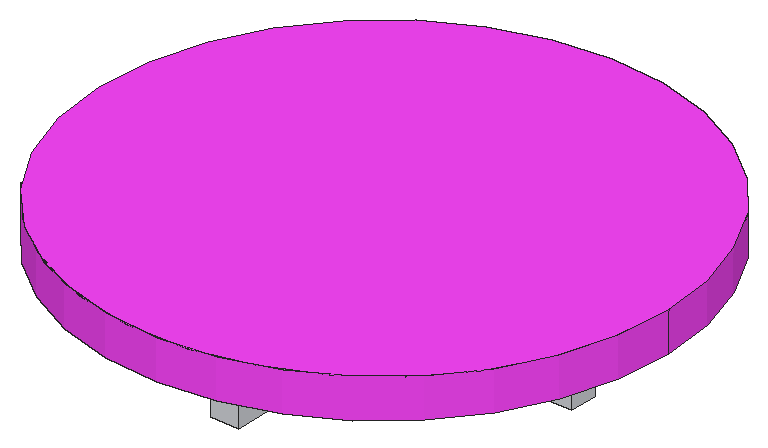
Revit family
Parameters
  spessore piano tavolo = 70 mm
  metà spessore crociera = 25 mm
  distanza bordo crociera gambe = 150 mm
  raggio piano = 500 mm
  MATERIALE = Default
  Altezza tavolo = 200 mm
Reference planes
  plane 1 "Centro (Fronte/Retro)": y = 0
  plane 2: z = 0
  plane 3 "Centro (Sinistra/Destra)": x = 0
  plane 4: x = -500
  plane 5: y = -500
  plane 6: x = 500
  plane 7: y = 500
  plane 8: z = 200
  plane 9: z = 130
  plane 10: y = 25
  plane 11: y = -25
  plane 12: y = -350
  plane 13: x = 350
  plane 14: y = 350
  plane 15: x = -350
  plane 16: x = -25
  plane 17: x = 25
Forms (mm)
  Extrusion 1, solid
    sketch origin (0, 0, 0) x (1, 0, 0) y (0, 1, 0)
      loop
        line (-350, 25) -> (-350, -25) -> (350, -25) -> (350, 25) -> (-350, 25)
    from 0 to 130
  Extrusion 2, solid
    sketch origin (0, 0, 0) x (1, 0, 0) y (0, 1, 0)
      loop
        line (-25, 350) -> (-25, 25) -> (25, 25) -> (25, 350) -> (-25, 350)
    from 0 to 130
  Extrusion 3, solid
    sketch origin (0, 0, 0) x (1, 0, 0) y (0, 1, 0)
      loop
        line (-25, -25) -> (-25, -350) -> (25, -350) -> (25, -25) -> (-25, -25)
    from 0 to 130
  Extrusion 4, solid, material "Default" <- "MATERIALE"
    sketch origin (0, 0, 0) x (1, 0, 0) y (0, 1, 0)
      loop
        circle (0, 0) r 500
    from 130 to 200
Dimensions and locks
  "Altezza tavolo": plane 8 to level
  "spessore piano tavolo": plane 8 to plane 9
  "distanza bordo crociera gambe": plane 14 to plane 7
  "distanza bordo crociera gambe": plane 12 to plane 5
  "distanza bordo crociera gambe": plane 13 to plane 6
  "distanza bordo crociera gambe": plane 4 to plane 15
  "metà spessore crociera": plane 10 to plane 1 "Centro (Fronte/Retro)"
  "metà spessore crociera": plane 11 to plane 1 "Centro (Fronte/Retro)"
  "metà spessore crociera": plane 16 to plane 3 "Centro (Sinistra/Destra)"
  "metà spessore crociera": plane 3 "Centro (Sinistra/Destra)" to plane 17
  "raggio piano": plane 1 "Centro (Fronte/Retro)" to plane 7
  "raggio piano": plane 4 to plane 3 "Centro (Sinistra/Destra)"
  "raggio piano": plane 3 "Centro (Sinistra/Destra)" to plane 6
  "raggio piano": plane 5 to plane 1 "Centro (Fronte/Retro)"
  "raggio piano": radius of Extrusion 4 sketch curve
  aligned and locked: Extrusion 1 to plane 15
  aligned and locked: plane 10 to Extrusion 1
  aligned and locked: plane 14 to Extrusion 2
  aligned and locked: Extrusion 2 to plane 10
  aligned and locked: plane 11 to Extrusion 3
  aligned and locked: Extrusion 3 to plane 12
  aligned and locked: plane 13 to Extrusion 1
  aligned and locked: plane 8 to Extrusion 4
  aligned and locked: Extrusion 4 to plane 9
  aligned and locked: Extrusion 2 to Extrusion 4
  aligned and locked: Extrusion 3 to Extrusion 4
  aligned and locked: Extrusion 1 to Extrusion 4
  aligned and locked: Extrusion 4 to Extrusion 2
Automatic sketch dimensions
  plane 4 to Extrusion 1 sketch curve = 150 mm
  plane 6 to Extrusion 1 sketch curve = 150 mm
  Extrusion 1 sketch curve to plane 11 = 0 mm
  plane 10 to Extrusion 1 sketch curve = 0 mm
  Extrusion 2 sketch curve to plane 16 = 0 mm
  plane 17 to Extrusion 2 sketch curve = 0 mm
  plane 11 to Extrusion 2 sketch curve = 50 mm
  plane 14 to Extrusion 2 sketch curve = 0 mm
  Extrusion 3 sketch curve to plane 16 = 0 mm
  plane 17 to Extrusion 3 sketch curve = 0 mm
  plane 5 to Extrusion 3 sketch curve = 150 mm
  Extrusion 3 sketch curve to plane 10 = 50 mm
  Extrusion 4 sketch curve to plane 1 "Centro (Fronte/Retro)" = 0 mm
  Extrusion 4 sketch curve to plane 3 "Centro (Sinistra/Destra)" = 0 mm
